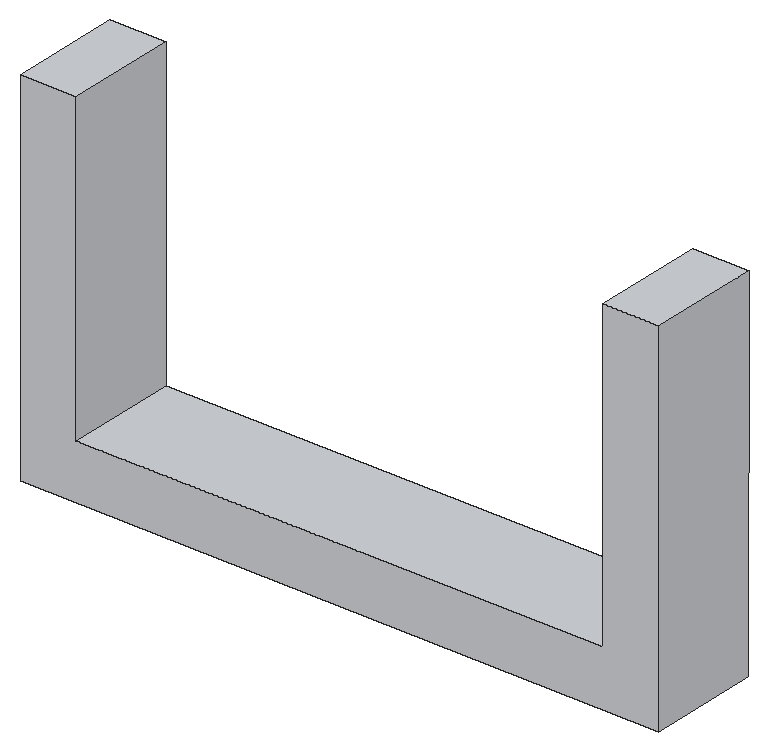
Revit family "族1", category 常规模型, Revit 2020
Family settings
  可将钢筋附着到主体 = 否
  圆形连接件大小 = 使用直径
  零件类型 = 标准
  基于工作平面 = 否
  总是垂直 = 是
  加载时剪切的空心 = 否
  共享 = 否
  房间计算点 = 否
Parameters
  默认高程 = 0 mm
  支吊架高度 [instance] = 649.551 mm
  宽度 [instance] = 1140.324 mm
Reference planes
  plane 1 "中心(前/后)": y = 0
  plane 2: z = 0
  plane 3 "中心(左/右)": x = 0
  plane 4: x = -570.162
  plane 5: x = 570.162
  plane 6: z = 649.551
  plane 7: x = -470.162
  plane 8: x = 470.162
  plane 9: z = 100
Forms (mm)
  Extrusion 1, solid
    sketch origin (0, 0, 0) x (1, 0, 0) y (0, 0, 1)
      loop
        line (-570.162, 649.551) -> (-570.162, 0) -> (570.162, 0) -> (570.162, 649.551) -> (470.162, 649.551) -> (470.162, 100) -> (-470.162, 100) -> (-470.162, 649.551) -> (-570.162, 649.551)
    from -100 to 100
Dimensions and locks
  equal spacing: plane 5, plane 3 "中心(左/右)", plane 4
  "宽度": plane 5 to plane 4
  "支吊架高度": plane 6 to level
  plane 7 to plane 4 = 100 mm
  plane 5 to plane 8 = 100 mm
  plane 9 to level = 100 mm
  aligned and locked: level to plane 2
Automatic sketch dimensions
  Extrusion 1 sketch curve to level = 0 mm
  Extrusion 1 sketch curve to plane 4 = 0 mm
  Extrusion 1 sketch curve to plane 7 = 0 mm
  Extrusion 1 sketch curve to plane 6 = 0 mm  (x2)
  Extrusion 1 sketch curve to plane 8 = 0 mm
  plane 5 to Extrusion 1 sketch curve = 0 mm
  Extrusion 1 sketch curve to plane 9 = 0 mm
